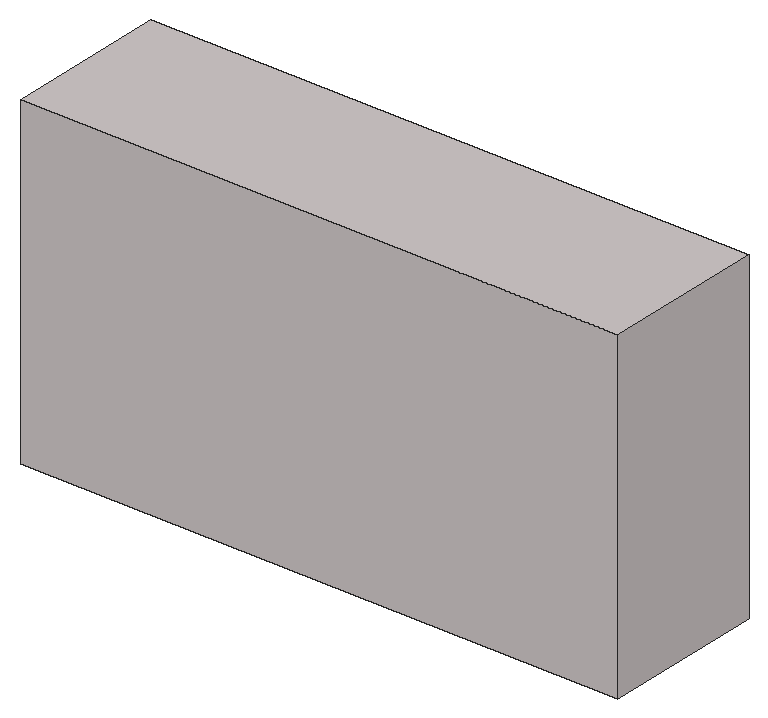
Revit family
Parameters (values of type "12RB24")
  Start Extension Calculation [instance] = 10' 0 1/2" + Start Extension  # 10' - 0"
  Start Extension [instance] = -0' - 0 1/2"
  End Extension Calculation [instance] = 10' 0 1/2" + End Extension  # 10' - 0"
  End Extension [instance] = -0' - 0 1/2"
  Beam Material [instance] = Concrete - Precast Concrete - Normal Weight - 5 ksi
  Assembly Code = "B10"
  Length [instance] = 5' - 0"
  b = 1' - 0"
  h = 2' - 0"
Types (3): name | b | h
  (no name) | 1' - 0" | 2' - 0"
  16RB32 | 1' - 4" | 2' - 8"
  12RB24 | 1' - 0" | 2' - 0"
Reference planes (in)
  plane 1 "Center (Front/Back)": y = 0
  plane 2: z = 0
  plane 3 "Center (Left/Right)": x = 0.1815
  plane 4 "Member Left": x = -21.8185
  plane 5 "Member Right": x = 22.1815
  plane 6: y = 6
  plane 7: y = -6
  plane 8: z = 12
  plane 9 "Bottom": z = -12
  plane 10 "Left": x = -29.8185
  plane 11 "Right": x = 30.1815
  plane 12: x = -21.8185
  plane 13: x = 22.1815
  plane 14: x = 98.1815
  plane 15: x = -97.8185
Forms (in)
  Sweep 1, solid, material "Concrete - Precast Concrete - Normal Weight - 5 ksi" <- "Beam Material"
    path origin (0, 0, 0) x (1, 0, 0) y (0, 1, 0)
      loop
        line (22.1815, 0) -> (-21.8185, 0)
    profile "Rectangular Beam-Profile : Rectangular Beam-Profile" origin (0.1815, 0, 0) x (0, -1, 0) y (0, 0, 1)
      loop
        line (-6, -12) -> (6, -12) -> (6, 12) -> (-6, 12) -> (-6, -12)
Dimensions and locks (in)
  "b": plane 6 to plane 7
  equal spacing: plane 9 "Bottom", plane 2, plane 8
  equal spacing: plane 6, plane 1 "Center (Front/Back)", plane 7
  "h": plane 9 "Bottom" to plane 8
  "Length": plane 10 "Left" to plane 11 "Right"
  locked: plane 4 "Member Left" to plane 14 at 120
  locked: plane 15 to plane 5 "Member Right" at 120
  "End Extension Calculation": plane 15 to plane 13
  "Start Extension Calculation": plane 12 to plane 14
  aligned and locked: Sweep 1 sketch curve to plane 1 "Center (Front/Back)"
  aligned and locked: plane 12 to Sweep 1 sketch curve
  aligned and locked: plane 13 to Sweep 1 sketch curve
